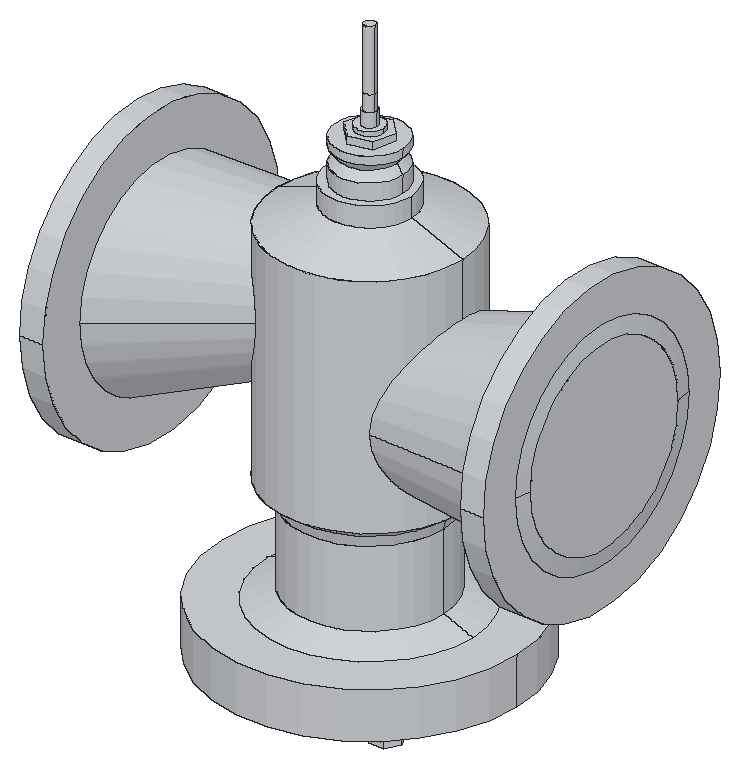
Revit family "2FGB_PN16_DN100_RFA_2018", category Pipe Accessories, Revit 2018
Family settings
  Round Connector Dimension = Use Diameter
  Part Type = Valve - Breaks Into
  Work Plane-Based = No
  Always vertical = Yes
  Cut with Voids When Loaded = No
  Shared = No
Parameters (values of type "2FGB PN16 DN100")
  magiProductId = ""
  magiProductFamilyId = ""
  magiPartTypeId = 306
  isMeasuringValve [instance] = no
  ang2D [instance] = 0.00°
  Z9 = 4.165 mm
  Z8 = 5.602 mm
  Z7 = 3 mm
  Z6 = 5.95 mm
  Z5 = 5.95 mm
  Z4 = 11.9 mm
  Z3 = 168.575 mm
  Z19 = 9.767 mm
  Z15 = 40.775 mm
  Z14__ve = -Z14  # -14.562 mm
  Z14 = 14.562 mm
  Z13 = 8.12 mm
  Z12 = 56.84 mm
  Z10 = 5.082 mm
  X4 = 34.6 mm
  X2__ve = -X2  # -17.3 mm
  X2 = 17.3 mm
  X1 = 2 mm
  W2D = 100 mm
  VersionID = ""
  Use Minimum Symbol Size [instance] = yes
  URL = "www.hydronix.cz"
  Type Comments = "Přírubový; EQM charakteristika; PN16; -10~+150°C"
  R9 = 4 mm
  R7 = 10.089 mm
  R6 = 16.816 mm
  R5 = 19.93 mm
  R4 = 24.912 mm
  R3 = 31.14 mm
  R2 = 57.375 mm
  R13 = 55.08 mm
  R12 = 5.297 mm
  R1 = 45.9 mm
  QmdConnectorList = "301;D;302;D"
  Productdata [instance] = "2FGB100 (DN100; PN16; kvs130)"
  Manufacturer = "Hydronix"
  Maintenance Zone Under Depth [instance] = 207 mm
  Maintenance Zone Right Depth [instance] = 175 mm
  Maintenance Zone Over Depth [instance] = 221 mm
  Maintenance Zone Left Depth [instance] = 175 mm
  Maintenance Zone Front Depth [instance] = 110 mm
  Maintenance Zone Back Depth [instance] = 110 mm
  Maintenance Zone Front Visibility [instance] = no
  LT2 = 175 mm
  L2D_Min = 3048 mm
  L2D = 350 mm
  HCDT2 = 76.5 mm
  H4 = 207 mm
  H3 = 116.5 mm
  H2 = 45 mm
  FDT2 = 110 mm
  Description = "2 cestný regulační ventil přírubový; DN100; PN16; kvs130; zdvih 45mm"
  D4 = 68.85 mm
  D3 = 81 mm
  D2 = 69.2 mm
  D = 100 mm
  CenSd_R6_6 = R6 * cos(30.00°)  # 14.563 mm
  CenSd_A_6 = A * cos(30.00°)  # 9.526 mm
  Clearance Zone Height Depth [instance] = 221 mm
  CZONC [instance] = 175 mm
  Clearance Zone Visibility [instance] = no
  B1 = 63.64 mm
  A = 11 mm
Types (5, lengths in mm): name | Z9 | Z8 | Z6 | Z5 | Z4 | Z3 | Z19 | Z15 | Z14__ve | Z14 | Z13 | Z12 | Z10 | X4 | X2__ve | X2 | W2D | R7 | R6 | R5 | R4 | R3 | R2 | R13 | R12 | R1 | Productdata | LT2 | L2D | HCDT2 | H4 | H3 | H2 | FDT2 | Description | D4 | D3 | D2 | D | CenSd_R6_6 | CenSd_A_6 | B1 | A
  2FGB PN16 DN100 | 4.165 | 5.602 | 5.95 | 5.95 | 11.9 | 168.575 | 9.767 | 40.775 | -14.562 | 14.562 | 8.12 | 56.84 | 5.082 | 34.6 | -17.3 | 17.3 | 100 | 10.089 | 16.816 | 19.93 | 24.912 | 31.14 | 57.375 | 55.08 | 5.297 | 45.9 | "2FGB100 (DN100; PN16; kvs130)" | 175 | 350 | 76.5 | 207 | 116.5 | 45 | 110 | "2 cestný regulační ventil přírubový; DN100; PN16; kvs130; zdvih 45mm" | 68.85 | 81 | 69.2 | 100 | 14.563 | 9.526 | 63.64 | 11
  2FGB PN16 DN080 | 4.2 | 5.7 | 6 | 6 | 12 | 151.95 | 9.9 | 36.75 | -13.125 | 13.125 | 7.32 | 51.24 | 5.1 | 30.6 | -15.3 | 15.3 | 80 | 8.923 | 14.872 | 17.626 | 22.032 | 27.54 | 49.875 | 47.88 | 4.685 | 39.9 | "2FGB80 (DN80; PN16; kvs100)" | 155 | 310 | 66.5 | 187 | 105 | 45 | 100 | "2 cestný regulační ventil přírubový; DN80; PN16; kvs100; zdvih 45mm" | 60.35 | 71 | 61.2 | 80 | 12.879 | 8.66 | 56.569 | 10
  2FGB PN16 DN065 | 4.2 | 5.7 | 6 | 6 | 12 | 139.45 | 9.9 | 33.25 | -11.875 | 11.875 | 6.82 | 47.74 | 5.1 | 28.6 | -14.3 | 14.3 | 65 | 8.34 | 13.9 | 16.474 | 20.592 | 25.74 | 44.25 | 42.48 | 4.378 | 35.4 | "2FGB65 (DN65; PN16; kvs63)" | 145 | 290 | 59 | 175 | 95 | 25 | 92.5 | "2 cestný regulační ventil přírubový; DN65; PN16; kvs63; zdvih 25mm" | 53.975 | 63.5 | 57.2 | 65 | 12.037 | 8.011 | 51.265 | 9.25
  2FGB PN16 DN150 | 4.2 | 5.7 | 6 | 6 | 12 | 227.45 | 9.9 | 54.95 | -19.625 | 19.625 | 10.97 | 76.79 | 5.1 | 47.6 | -23.8 | 23.8 | 150 | 13.88 | 23.134 | 27.418 | 34.272 | 42.84 | 77.625 | 74.52 | 7.287 | 62.1 | "2FGB150 (DN150; PN16; kvs300)" | 240 | 480 | 103.5 | 277 | 157 | 45 | 142.5 | "2 cestný regulační ventil přírubový; DN150; PN16; kvs300; zdvih 45mm" | 92.65 | 109 | 95.2 | 150 | 20.034 | 12.341 | 84.853 | 14.25
  2FGB PN16 DN125 | 4.2 | 5.7 | 6 | 6 | 12 | 196.45 | 9.9 | 48.65 | -17.375 | 17.375 | 9.22 | 64.54 | 5.1 | 39.6 | -19.8 | 19.8 | 125 | 11.547 | 19.246 | 22.81 | 28.512 | 35.64 | 68.625 | 65.88 | 6.062 | 54.9 | "2FGB125 (DN125; PN16; kvs200)" | 200 | 400 | 91.5 | 234 | 139 | 45 | 125 | "2 cestný regulační ventil přírubový; DN125; PN16; kvs200; zdvih 45mm" | 81.6 | 96 | 79.2 | 125 | 16.667 | 10.825 | 74.246 | 12.5
Reference planes
  plane 1 "Center (Front/Back)": y = 0
  plane 2 "XYPLANE": z = 0
  plane 3 "Center (Left/Right)": x = 0
  plane 4 "234": y = -63.64
  plane 5 "233": x = 63.64
  plane 6 "232": x = -63.64
  plane 7 "231": y = 63.64
  plane 8 "225": z = -197
  plane 9 "223": z = 221
  plane 10 "221": x = -175
  plane 11 "220": x = 175
  plane 12 "219": y = -110
  plane 13 "218": y = 110
  plane 14 "196": z = -207
  plane 15 "182": z = 176
  plane 16 "161": z = 164.1
  plane 17 "158": z = 158.498
  plane 18 "150": z = 154.333
  plane 19 "148": z = 151.333
  plane 20 "142": z = 146.25
  plane 21 "136": z = 140.3
  plane 22 "135": z = 134.35
  plane 23 "131": z = 128.4
  plane 24 "78": z = 87.375
  plane 25 "77": z = 101.937
  plane 26 "74": z = 116.5
  plane 27 "70": z = -81.2
  plane 28 "65": z = -89.32
  plane 29 "64": z = -97.44
  plane 30 "58": z = -154.28
  plane 31 "57": z = -162.4
  plane 32 "46": z = -207
  plane 33 "28": x = 155.7
  plane 34 "27": x = 173
  plane 35 "21": z = -20
  plane 36 "16": z = 40.775
  plane 37 "13": x = -155.7
  plane 38 "7": x = -173
  plane 39 "6": x = 175
  plane 40 "5": x = -175
  plane 41 "3": y = 0
  plane 42 "2": z = 0
  plane 43 "1": x = 0
Forms (mm)
  Extrusion 1, solid
    sketch origin (-750, 0, -207) x (1, 0, 0) y (0, 1, 0)
      loop
        line (824.64, -63.64) -> (819.14, -54.113) -> (808.14, -54.113) -> (802.64, -63.64) -> (808.14, -73.166) -> (819.14, -73.166) -> (824.64, -63.64)
    from 0 to 10
  Extrusion 2, solid
    sketch origin (-750, 0, -207) x (1, 0, 0) y (0, 1, 0)
      loop
        line (697.36, -63.64) -> (691.86, -54.113) -> (680.86, -54.113) -> (675.36, -63.64) -> (680.86, -73.166) -> (691.86, -73.166) -> (697.36, -63.64)
    from 0 to 10
  Extrusion 3, solid
    sketch origin (-750, 0, -207) x (1, 0, 0) y (0, 1, 0)
      loop
        line (824.64, 63.64) -> (819.14, 73.166) -> (808.14, 73.166) -> (802.64, 63.64) -> (808.14, 54.113) -> (819.14, 54.113) -> (824.64, 63.64)
    from 0 to 10
  Extrusion 4, solid
    sketch origin (-750, 0, -207) x (1, 0, 0) y (0, 1, 0)
      loop
        line (697.36, 63.64) -> (691.86, 73.166) -> (680.86, 73.166) -> (675.36, 63.64) -> (680.86, 54.113) -> (691.86, 54.113) -> (697.36, 63.64)
    from 0 to 10
  Blend 5, solid, visible <- "Maintenance Zone Front Visibility"
    base sketch origin (-750, 0, 221) x (1, 0, 0) y (0, 1, 0)
      loop
        line (575, 110) -> (575, -110) -> (925, -110) -> (925, 110) -> (575, 110)
    top sketch origin (-750, 0, 221) x (1, 0, 0) y (0, 1, 0)
      loop
        line (575, 110) -> (575, -110) -> (925, -110) -> (925, 110) -> (575, 110)
    from 0 to -428
  Extrusion 6, solid, visible <- "Clearance Zone Visibility"
    sketch origin (-750, 0, 0) x (1, 0, 0) y (0, 1, 0)
      loop
        circle (750, 0) r 175
    from 0 to 221 <- "Clearance Zone Height Depth"
  Extrusion 7, solid
    sketch origin (-750, 0, 154.333) x (1, 0, 0) y (0, 1, 0)
      loop
        circle (750, 0) r 5.297
    from 0 to 9.767 <- "Z19"
  Extrusion 8, solid
    sketch origin (-750, 0, 176) x (1, 0, 0) y (0, 1, 0)
      loop
        circle (750, 0) r 4
    from 0 to 45 <- "H2"
  Extrusion 9, solid
    sketch origin (-750, 0, 164.1) x (1, 0, 0) y (0, 1, 0)
      loop
        circle (750, 0) r 4
    from 0 to 11.9 <- "Z4"
  Extrusion 10, solid
    sketch origin (-750, 0, 151.333) x (1, 0, 0) y (0, 1, 0)
      loop
        circle (750, 0) r 10.089
    from 0 to 3 <- "Z7"
  Extrusion 11, solid
    sketch origin (-750, 0, 146.25) x (1, 0, 0) y (0, 1, 0)
      loop
        line (761.89, -11.89) -> (766.243, 4.352) -> (754.352, 16.243) -> (738.11, 11.89) -> (733.757, -4.352) -> (745.648, -16.243) -> (761.89, -11.89)
    from 0 to 5.082 <- "Z10"
  Extrusion 12, solid
    sketch origin (-750, 0, 140.3) x (1, 0, 0) y (0, 1, 0)
      loop
        circle (750, 0) r 24.912
    from 0 to 5.95 <- "Z6"
  Blend 13, solid
    base sketch origin (-750, 0, 134.35) x (1, 0, 0) y (0, 1, 0)
      loop
        circle (750, 0) r 19.93
    top sketch origin (-750, 0, 134.35) x (1, 0, 0) y (0, 1, 0)
      loop
        circle (750, 0) r 24.912
    from 0 to 5.95
  Blend 14, solid
    base sketch origin (-750, 0, 128.4) x (1, 0, 0) y (0, 1, 0)
      loop
        circle (750, 0) r 24.912
    top sketch origin (-750, 0, 128.4) x (1, 0, 0) y (0, 1, 0)
      loop
        circle (750, 0) r 19.93
    from 0 to 5.95
  Extrusion 15, solid
    sketch origin (-750, 0, 116.5) x (1, 0, 0) y (0, 1, 0)
      loop
        circle (750, 0) r 24.912
    from 0 to 11.9 <- "Z4"
  Extrusion 16, solid
    sketch origin (-750, 0, 116.5) x (1, 0, 0) y (0, 1, 0)
      loop
        circle (750, 0) r 31.14
    from 0 to -14.562 <- "Z14__ve"
  Blend 17, solid
    base sketch origin (-750, 0, 87.375) x (1, 0, 0) y (0, 1, 0)
      loop
        circle (750, 0) r 69.2
    top sketch origin (-750, 0, 87.375) x (1, 0, 0) y (0, 1, 0)
      loop
        circle (750, 0) r 31.14
    from 0 to 14.563
  Blend 18, solid
    base sketch origin (-750, 0, -89.32) x (1, 0, 0) y (0, 1, 0)
      loop
        circle (750, 0) r 57.375
    top sketch origin (-750, 0, -89.32) x (1, 0, 0) y (0, 1, 0)
      loop
        circle (750, 0) r 69.2
    from 0 to 8.12
  Blend 19, solid
    base sketch origin (-750, 0, -97.44) x (1, 0, 0) y (0, 1, 0)
      loop
        circle (750, 0) r 55.08
    top sketch origin (-750, 0, -97.44) x (1, 0, 0) y (0, 1, 0)
      loop
        circle (750, 0) r 57.375
    from 0 to 8.12
  Extrusion 20, solid
    sketch origin (-750, 0, -154.28) x (1, 0, 0) y (0, 1, 0)
      loop
        circle (750, 0) r 55.08
    from 0 to 56.84 <- "Z12"
  Blend 21, solid
    base sketch origin (-750, 0, -162.4) x (1, 0, 0) y (0, 1, 0)
      loop
        circle (750, 0) r 76.5
    top sketch origin (-750, 0, -162.4) x (1, 0, 0) y (0, 1, 0)
      loop
        circle (750, 0) r 55.08
    from 0 to 8.12
  Extrusion 22, solid
    sketch origin (-750, 0, -197) x (1, 0, 0) y (0, 1, 0)
      loop
        circle (750, 0) r 110
    from 0 to 34.6 <- "X4"
  Blend 23, solid
    base sketch origin (173, -750, 0) x (0, 1, 0) y (0, 0, 1)
      loop
        circle (750, 0) r 81
    top sketch origin (173, -750, 0) x (0, 1, 0) y (0, 0, 1)
      loop
        circle (750, 0) r 68.85
    from 0 to 2
  Blend 24, solid
    base sketch origin (-175, -750, 0) x (0, 1, 0) y (0, 0, 1)
      loop
        circle (750, 0) r 68.85
    top sketch origin (-175, -750, 0) x (0, 1, 0) y (0, 0, 1)
      loop
        circle (750, 0) r 81
    from 0 to 2
  Extrusion 25, solid
    sketch origin (173, -750, 0) x (0, 1, 0) y (0, 0, 1)
      loop
        circle (750, 0) r 110
    from 0 to -17.3 <- "X2__ve"
  Blend 26, solid
    base sketch origin (0, -750, 0) x (0, 1, 0) y (0, 0, 1)
      loop
        circle (750, -20) r 45.9
    top sketch origin (0, -750, 0) x (0, 1, 0) y (0, 0, 1)
      loop
        circle (750, 0) r 76.5
    from 0 to 155.7
  Extrusion 27, solid
    sketch origin (-750, 0, -81.2) x (1, 0, 0) y (0, 1, 0)
      loop
        circle (750, 0) r 69.2
    from 0 to 168.575 <- "Z3"
  Blend 28, solid
    base sketch origin (-155.7, -750, 0) x (0, 1, 0) y (0, 0, 1)
      loop
        circle (750, 0) r 76.5
    top sketch origin (-155.7, -750, 0) x (0, 1, 0) y (0, 0, 1)
      loop
        circle (750, 40.775) r 45.9
    from 0 to 155.7
  Extrusion 29, solid
    sketch origin (-173, -750, 0) x (0, 1, 0) y (0, 0, 1)
      loop
        circle (750, 0) r 110
    from 0 to 17.3 <- "X2"
  Extrusion 30, solid, not visible
    sketch origin (175, -750, 0) x (0, 1, 0) y (0, 0, 1)
      loop
        circle (750, 0) r 10
    from 0 to -10
  Extrusion 31, solid, not visible
    sketch origin (-175, -750, 0) x (0, 1, 0) y (0, 0, 1)
      loop
        circle (750, 0) r 10
    from 0 to 10
Lines and regions (mm)
  reference lines, not visible
    curve 1: circle (2, 2, 0) r 1 normal (0, 0, 1)
  reference lines
    curve 2: line (63.64, -63.64, -207) -> (60.89, -58.876, -207)
    curve 3: line (63.64, -63.64, -207) -> (58.14, -63.64, -207)
    curve 4: line (63.64, -63.64, -207) -> (60.89, -68.403, -207)
    curve 5: line (-63.64, -63.64, -207) -> (-66.39, -58.876, -207)
    curve 6: line (-63.64, -63.64, -207) -> (-69.14, -63.64, -207)
    curve 7: line (-63.64, -63.64, -207) -> (-66.39, -68.403, -207)
    curve 8: line (63.64, 63.64, -207) -> (60.89, 68.403, -207)
    curve 9: line (63.64, 63.64, -207) -> (58.14, 63.64, -207)
    curve 10: line (63.64, 63.64, -207) -> (60.89, 58.876, -207)
    curve 11: line (-63.64, 63.64, -207) -> (-66.39, 68.403, -207)
    curve 12: line (-63.64, 63.64, -207) -> (-69.14, 63.64, -207)
    curve 13: line (-63.64, 63.64, -207) -> (-66.39, 58.876, -207)
    curve 14: line (0, 0, 146.25) -> (2.176, 8.121, 146.25)
    curve 15: line (0, 0, 146.25) -> (-5.945, 5.945, 146.25)
    curve 16: line (0, 0, 146.25) -> (-8.121, -2.176, 146.25)
Dimensions and locks
  plane 1 "Center (Front/Back)" to curve 1 = 2 mm
  "B1": plane 1 "Center (Front/Back)" to plane 4 "234"
  "B1": plane 3 "Center (Left/Right)" to plane 5 "233"
  "B1": plane 3 "Center (Left/Right)" to plane 6 "232"
  "B1": plane 1 "Center (Front/Back)" to plane 7 "231"
  locked: plane 32 "46" to plane 8 "225" at 10
  "Maintenance Zone Over Depth": plane 2 "XYPLANE" to plane 9 "223"
  "Maintenance Zone Left Depth": plane 3 "Center (Left/Right)" to plane 10 "221"
  "Maintenance Zone Right Depth": plane 3 "Center (Left/Right)" to plane 11 "220"
  "Maintenance Zone Front Depth": plane 1 "Center (Front/Back)" to plane 12 "219"
  "Maintenance Zone Back Depth": plane 1 "Center (Front/Back)" to plane 13 "218"
  "Maintenance Zone Under Depth": plane 2 "XYPLANE" to plane 14 "196"
  "Z4": plane 16 "161" to plane 15 "182"
  "Z8": plane 17 "158" to plane 16 "161"
  "Z9": plane 18 "150" to plane 17 "158"
  "Z7": plane 19 "148" to plane 18 "150"
  "Z10": plane 20 "142" to plane 19 "148"
  "Z6": plane 21 "136" to plane 20 "142"
  "Z5": plane 22 "135" to plane 21 "136"
  "Z5": plane 23 "131" to plane 22 "135"
  "Z4": plane 26 "74" to plane 23 "131"
  "Z14": plane 25 "77" to plane 24 "78"
  "Z14": plane 26 "74" to plane 25 "77"
  "H3": plane 2 "XYPLANE" to plane 26 "74"
  "Z13": plane 28 "65" to plane 27 "70"
  "Z13": plane 29 "64" to plane 28 "65"
  "Z12": plane 30 "58" to plane 29 "64"
  "Z13": plane 31 "57" to plane 30 "58"
  "X4": plane 8 "225" to plane 31 "57"
  "H4": plane 2 "XYPLANE" to plane 32 "46"
  "X2": plane 34 "27" to plane 33 "28"
  "X1": plane 39 "6" to plane 34 "27"
  locked: plane 42 "2" to plane 35 "21" at 20
  "Z15": plane 42 "2" to plane 36 "16"
  "X2": plane 38 "7" to plane 37 "13"
  "X1": plane 40 "5" to plane 38 "7"
  "LT2": plane 3 "Center (Left/Right)" to plane 39 "6"
  "LT2": plane 3 "Center (Left/Right)" to plane 40 "5"
  locked: plane 1 "Center (Front/Back)" to plane 41 "3"
  locked: plane 2 "XYPLANE" to plane 42 "2"
  locked: plane 3 "Center (Left/Right)" to plane 43 "1"
  "CenSd_A_6": curve 2 to Extrusion 1 sketch curve  (x2)
  "CenSd_A_6": curve 3 to Extrusion 1 sketch curve  (x2)
  "CenSd_A_6": curve 4 to Extrusion 1 sketch curve  (x2)
  "CenSd_A_6": curve 5 to Extrusion 2 sketch curve  (x2)
  "CenSd_A_6": curve 6 to Extrusion 2 sketch curve  (x2)
  "CenSd_A_6": curve 7 to Extrusion 2 sketch curve  (x2)
  "CenSd_A_6": curve 8 to Extrusion 3 sketch curve  (x2)
  "CenSd_A_6": curve 9 to Extrusion 3 sketch curve  (x2)
  "CenSd_A_6": curve 10 to Extrusion 3 sketch curve  (x2)
  "CenSd_A_6": curve 11 to Extrusion 4 sketch curve  (x2)
  "CenSd_A_6": curve 12 to Extrusion 4 sketch curve  (x2)
  "CenSd_A_6": curve 13 to Extrusion 4 sketch curve  (x2)
  "CenSd_R6_6": curve 14 to Extrusion 11 sketch curve  (x2)
  "CenSd_R6_6": curve 15 to Extrusion 11 sketch curve  (x2)
  "CenSd_R6_6": curve 16 to Extrusion 11 sketch curve  (x2)
  "CZONC": radius of Extrusion 6 sketch curve
  "R12": radius of Extrusion 7 sketch curve
  "R9": radius of Extrusion 8 sketch curve
  "R9": radius of Extrusion 9 sketch curve
  "R7": radius of Extrusion 10 sketch curve
  "R4": radius of Extrusion 12 sketch curve
  "R4": radius of Blend 13 sketch curve
  "R5": radius of Blend 13 sketch curve
  "R5": radius of Blend 14 sketch curve
  "R4": radius of Blend 14 sketch curve
  "R4": radius of Extrusion 15 sketch curve
  "R3": radius of Extrusion 16 sketch curve
  "R3": radius of Blend 17 sketch curve
  "D2": radius of Blend 17 sketch curve
  "D2": radius of Blend 18 sketch curve
  "R2": radius of Blend 18 sketch curve
  "R2": radius of Blend 19 sketch curve
  "R13": radius of Blend 19 sketch curve
  "R13": radius of Extrusion 20 sketch curve
  "R13": radius of Blend 21 sketch curve
  "HCDT2": radius of Blend 21 sketch curve
  "FDT2": radius of Extrusion 22 sketch curve
  "D4": radius of Blend 23 sketch curve
  "D3": radius of Blend 23 sketch curve
  "D3": radius of Blend 24 sketch curve
  "D4": radius of Blend 24 sketch curve
  "FDT2": radius of Extrusion 25 sketch curve
  "HCDT2": radius of Blend 26 sketch curve
  "R1": radius of Blend 26 sketch curve
  "D2": radius of Extrusion 27 sketch curve
  "R1": radius of Blend 28 sketch curve
  "HCDT2": radius of Blend 28 sketch curve
  "FDT2": radius of Extrusion 29 sketch curve
  locked: curve 3 to curve 2 (angle 60.00°)
  locked: curve 4 to curve 3 (angle 60.00°)
  locked: curve 4 to curve 2 (angle 120.00°)
  locked: curve 6 to curve 5 (angle 60.00°)
  locked: curve 7 to curve 6 (angle 60.00°)
  locked: curve 7 to curve 5 (angle 120.00°)
  locked: curve 9 to curve 8 (angle 60.00°)
  locked: curve 10 to curve 9 (angle 60.00°)
  locked: curve 10 to curve 8 (angle 120.00°)
  locked: curve 12 to curve 11 (angle 60.00°)
  locked: curve 13 to curve 12 (angle 60.00°)
  locked: curve 13 to curve 11 (angle 120.00°)
  locked: curve 15 to curve 14 (angle 60.00°)
  locked: curve 16 to curve 15 (angle 60.00°)
  locked: curve 16 to curve 14 (angle 120.00°)
  aligned and locked: level to plane 2 "XYPLANE"
  aligned and locked: plane 4 "234" to curve 2
  aligned and locked: plane 5 "233" to curve 2
  aligned and locked: plane 4 "234" to curve 5
  aligned and locked: plane 6 "232" to curve 5
  aligned and locked: plane 5 "233" to curve 8
  aligned and locked: plane 7 "231" to curve 8
  aligned and locked: plane 6 "232" to curve 11
  aligned and locked: plane 7 "231" to curve 11
  aligned and locked: plane 13 "218" to Blend 5 sketch curve  (x4)
  aligned and locked: plane 12 "219" to Blend 5 sketch curve  (x4)
  aligned and locked: plane 10 "221" to Blend 5 sketch curve  (x4)
  aligned and locked: plane 11 "220" to Blend 5 sketch curve  (x4)
  aligned and locked: Blend 5 to plane 14 "196"
  aligned and locked: plane 41 "3" to Extrusion 6 sketch curve
  aligned and locked: plane 43 "1" to Extrusion 6 sketch curve
  aligned and locked: plane 41 "3" to Extrusion 7 sketch curve
  aligned and locked: plane 43 "1" to Extrusion 7 sketch curve
  aligned and locked: plane 41 "3" to Extrusion 8 sketch curve
  aligned and locked: plane 43 "1" to Extrusion 8 sketch curve
  aligned and locked: plane 41 "3" to Extrusion 9 sketch curve
  aligned and locked: plane 43 "1" to Extrusion 9 sketch curve
  aligned and locked: plane 41 "3" to Extrusion 10 sketch curve
  aligned and locked: plane 43 "1" to Extrusion 10 sketch curve
  aligned and locked: plane 41 "3" to curve 14
  aligned and locked: plane 43 "1" to curve 14
  aligned and locked: plane 41 "3" to Extrusion 12 sketch curve
  aligned and locked: plane 43 "1" to Extrusion 12 sketch curve
  aligned and locked: plane 41 "3" to Blend 13 sketch curve  (x2)
  aligned and locked: plane 43 "1" to Blend 13 sketch curve  (x2)
  aligned and locked: plane 21 "136" to Blend 13
  aligned and locked: plane 41 "3" to Blend 14 sketch curve  (x2)
  aligned and locked: plane 43 "1" to Blend 14 sketch curve  (x2)
  aligned and locked: plane 22 "135" to Blend 14
  aligned and locked: plane 41 "3" to Extrusion 15 sketch curve
  aligned and locked: plane 43 "1" to Extrusion 15 sketch curve
  aligned and locked: plane 41 "3" to Extrusion 16 sketch curve
  aligned and locked: plane 43 "1" to Extrusion 16 sketch curve
  aligned and locked: plane 41 "3" to Blend 17 sketch curve  (x2)
  aligned and locked: plane 43 "1" to Blend 17 sketch curve  (x2)
  aligned and locked: plane 25 "77" to Blend 17
  aligned and locked: plane 41 "3" to Blend 18 sketch curve  (x2)
  aligned and locked: plane 43 "1" to Blend 18 sketch curve  (x2)
  aligned and locked: plane 27 "70" to Blend 18
  aligned and locked: plane 41 "3" to Blend 19 sketch curve  (x2)
  aligned and locked: plane 43 "1" to Blend 19 sketch curve  (x2)
  aligned and locked: plane 28 "65" to Blend 19
  aligned and locked: plane 41 "3" to Extrusion 20 sketch curve
  aligned and locked: plane 43 "1" to Extrusion 20 sketch curve
  aligned and locked: plane 41 "3" to Blend 21 sketch curve  (x2)
  aligned and locked: plane 43 "1" to Blend 21 sketch curve  (x2)
  aligned and locked: plane 30 "58" to Blend 21
  aligned and locked: plane 41 "3" to Extrusion 22 sketch curve
  aligned and locked: plane 43 "1" to Extrusion 22 sketch curve
  aligned and locked: Blend 23 sketch curve to plane 41 "3"  (x2)
  aligned and locked: plane 42 "2" to Blend 23 sketch curve  (x2)
  aligned and locked: plane 39 "6" to Blend 23
  aligned and locked: Blend 24 sketch curve to plane 41 "3"  (x2)
  aligned and locked: plane 42 "2" to Blend 24 sketch curve  (x2)
  aligned and locked: plane 38 "7" to Blend 24
  aligned and locked: Extrusion 25 sketch curve to plane 41 "3"
  aligned and locked: plane 42 "2" to Extrusion 25 sketch curve
  aligned and locked: Blend 26 sketch curve to plane 41 "3"  (x2)
  aligned and locked: plane 42 "2" to Blend 26 sketch curve
  aligned and locked: plane 35 "21" to Blend 26 sketch curve
  aligned and locked: plane 33 "28" to Blend 26
  aligned and locked: plane 41 "3" to Extrusion 27 sketch curve
  aligned and locked: plane 43 "1" to Extrusion 27 sketch curve
  aligned and locked: plane 36 "16" to Blend 28 sketch curve
  aligned and locked: plane 41 "3" to Blend 28 sketch curve
  aligned and locked: Blend 28 sketch curve to plane 41 "3"
  aligned and locked: plane 42 "2" to Blend 28 sketch curve
  aligned and locked: plane 43 "1" to Blend 28
  aligned and locked: Extrusion 29 sketch curve to plane 41 "3"
  aligned and locked: plane 42 "2" to Extrusion 29 sketch curve
  aligned and locked: Extrusion 30 sketch curve to plane 41 "3"
  aligned and locked: plane 42 "2" to Extrusion 30 sketch curve
  aligned and locked: Extrusion 31 sketch curve to plane 41 "3"
  aligned and locked: plane 42 "2" to Extrusion 31 sketch curve
Automatic sketch dimensions
  plane 1 "Center (Front/Back)" to curve 16 = 2.176 mm
  plane 1 "Center (Front/Back)" to Extrusion 30 sketch curve = 10 mm
  plane 1 "Center (Front/Back)" to Extrusion 31 sketch curve = 10 mm
  plane 3 "Center (Left/Right)" to curve 1 = 2 mm
  radius of curve 1 = 1 mm
Connectors
  piping at (-175, 0, 0), diameter 100, driven by "D"
    settings: on Extrusion 31, index 1, connector inside diameter 609.6 mm, connector length 0 mm, flow factor 0, pipe flow 0.0 L/s, pressure drop 0.0 Pa, fitting loss kfactor 0, connector angle 0.00°, fixture units 0, engagement length 0 mm, angle of deflection 0.00°, flow configuration 0, flow direction 0, fitting loss method 0, system type 29, joint type 0, gender type 0, connector reference index 2, connector utility 0, adjustable connector no, is connector primary yes, connector description ""
  piping at (175, 0, 0), diameter 100, driven by "D"
    settings: on Extrusion 30, index 2, connector inside diameter 609.6 mm, connector length 0 mm, flow factor 0, pipe flow 0.0 L/s, pressure drop 0.0 Pa, fitting loss kfactor 0, connector angle 0.00°, fixture units 0, engagement length 0 mm, angle of deflection 0.00°, flow configuration 0, flow direction 0, fitting loss method 0, system type 29, joint type 0, gender type 0, connector reference index 1, connector utility 0, adjustable connector no, is connector primary no, connector description ""
